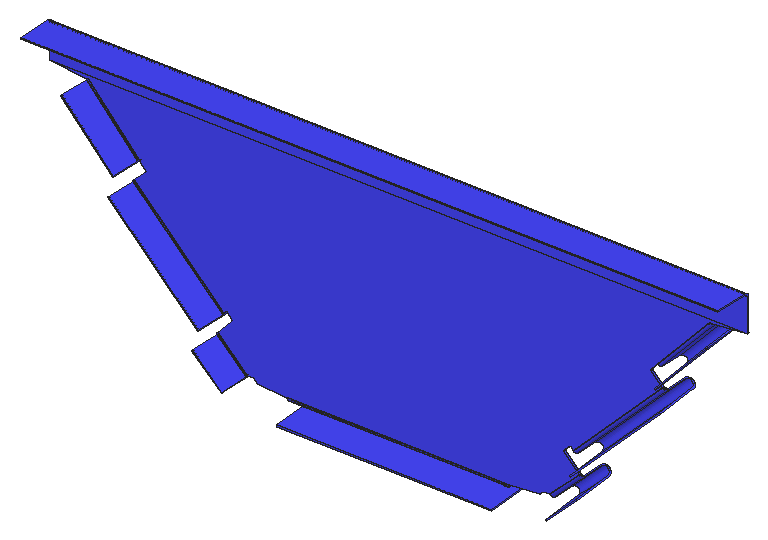
Revit family "止水面戸(DL-45)", category 一般モデル, Revit 2021
Family settings
  鉄筋をホスト可能 = いいえ
  丸型コネクタ寸法 = 直径を使用
  パーツ タイプ = 標準
  作業面ベース = いいえ
  常に垂直 = はい
  ロード時にボイドで切り取り = いいえ
  共有 = いいえ
  部屋計算ポイント = いいえ
Parameters
  既定の高さ = 0 mm
Reference planes
  plane 1 "中心(正面/背面)": y = 0
  plane 2: z = 0
  plane 3 "中心(左/右)": x = 0
Forms (mm)
  Sweep 1, solid, material "ポシェ"
    path origin (0, 0, 0) x (1, 0, 0) y (0, 0, 1)
      loop
        line (229, 178.614) -> (-228.996, 178.614)
    profile origin (0.002, 0, 178.614) x (0, 0, -1) y (0, -1, 0)
      loop
        arc (0, -10.4) -> (0.615, -11.885) -> (2.1, -12.5) r 2.1
        line (2.1, -12.5) -> (24.092, -12.5) -> (24.092, -11.7) -> (2.1, -11.7)
        arc (2.1, -11.7) -> (1.18, -11.319) -> (0.798, -10.398) r 1.302
        line (0.798, -10.398) -> (0.798, 12.5) -> (0, 12.5) -> (0, -10.4)
  Extrusion 2, solid, material "ポシェ"
    sketch origin (0, 0, 0) x (1, 0, 0) y (0, 0, 1)
      loop
        line (-229, 154.523) -> (-204.476, 152.387) -> (-165.469, 111.282) -> (-173.714, 103.398) -> (-114.971, 45.672) -> (-112.906, 47.848) -> (-108.626, 43.642) -> (-118.804, 32.917) -> (-99.569, 14.664) -> (-95.084, 14.664) -> (-92.55, 12.259) -> (-72.569, 10.654) -> (-72.569, 8.6) -> (72.569, 8.6) -> (72.569, 10.674) -> (92.574, 12.281) -> (95.084, 14.664) -> (99.569, 14.664) -> (118.804, 32.917) -> (108.626, 43.642) -> (112.906, 47.848) -> (114.971, 45.672) -> (173.745, 103.428) -> (165.469, 111.282) -> (204.476, 152.387) -> (229, 154.523) -> (-229, 154.523)
    from -12.5 to -11.7
  Sweep 3, solid, material "ポシェ"
    path origin (0, 0, 0) x (1, 0, 0) y (0, 0, 1)
      loop
        line (-70.716, 8.6) -> (70.716, 8.6)
    profile origin (0, 0, 8.6) x (0, 0, 1) y (0, -1, 0)
      loop
        line (2.1, -12.5) -> (2.1, -11.7)
        arc (2.1, -11.7) -> (0.474, -12.374) -> (-0.2, -14) r 2.3
        line (-0.2, -14) -> (-0.2, -28.244)
        arc (-0.2, -28.244) -> (-3.001, -31.045) -> (-5.802, -28.244) r 2.801
        line (-5.802, -28.244) -> (-7.802, 0.156) -> (-8.6, 0.1) -> (-6.6, -28.3)
        arc (-6.6, -28.3) -> (-5.546, -30.846) -> (-3, -31.9) r 3.6
        arc (-3, -31.9) -> (-2.296, -31.83) -> (-1.593, -31.614) r 3.6
        arc (-1.593, -31.614) -> (0.002, -30.287) -> (0.6, -28.3) r 3.6
        line (0.6, -28.3) -> (0.6, -14)
        arc (0.6, -14) -> (1.039, -12.939) -> (2.1, -12.5) r 1.5
  Sweep 4, void
    path origin (0, 0, 0) x (1, 0, 0) y (0, 0, 1)
      loop
        line (-77.314, 10.7) -> (77.686, 10.7)
    profile origin (0.186, 0, 10.7) x (0, 0, 1) y (0, -1, 0)
      loop
        line (0, -11.7) -> (-2.803, -11.7) -> (-2.803, -12.5) -> (-1.744, -12.5)
        arc (-1.744, -12.5) -> (-0.959, -11.91) -> (0, -11.7) r 2.3
  Sweep 5, solid, material "ポシェ"
    path origin (158.23, 0, 55.58) x (0.725374, 0, 0.688355) y (-0.688355, 0, 0.725374)
      loop
        line (-70.716, 8.6) -> (-44.199, 8.6)
    profile origin (110.632, 0, 22.267) x (-0.688355, 0, 0.725374) y (0, -1, 0)
      loop
        line (2.1, -12.5) -> (2.1, -11.7)
        arc (2.1, -11.7) -> (0.474, -12.374) -> (-0.2, -14) r 2.3
        line (-0.2, -14) -> (-0.2, -28.244)
        arc (-0.2, -28.244) -> (-3.001, -31.045) -> (-5.802, -28.244) r 2.801
        line (-5.802, -28.244) -> (-7.802, 0.156) -> (-8.6, 0.1) -> (-6.6, -28.3)
        arc (-6.6, -28.3) -> (-5.546, -30.846) -> (-3, -31.9) r 3.6
        arc (-3, -31.9) -> (-2.296, -31.83) -> (-1.593, -31.614) r 3.6
        arc (-1.593, -31.614) -> (0.002, -30.287) -> (0.6, -28.3) r 3.6
        line (0.6, -28.3) -> (0.6, -14)
        arc (0.6, -14) -> (1.039, -12.939) -> (2.1, -12.5) r 1.5
  Sweep 6, solid, material "ポシェ"
    path origin (175.809, 0, 84.06) x (0.737277, 0, 0.67559) y (-0.67559, 0, 0.737277)
      loop
        line (-74.513, 10.567) -> (15.432, 13.708)
    profile origin (145.83, 0, 73.052) x (-0.700909, 0, 0.71325) y (0, -1, 0)
      loop
        line (2.1, -12.5) -> (2.1, -11.7)
        arc (2.1, -11.7) -> (0.474, -12.374) -> (-0.2, -14) r 2.3
        line (-0.2, -14) -> (-0.2, -28.244)
        arc (-0.2, -28.244) -> (-3.001, -31.045) -> (-5.802, -28.244) r 2.801
        line (-5.802, -28.244) -> (-7.802, 0.156) -> (-8.6, 0.1) -> (-6.6, -28.3)
        arc (-6.6, -28.3) -> (-5.546, -30.846) -> (-3, -31.9) r 3.6
        arc (-3, -31.9) -> (-2.296, -31.83) -> (-1.593, -31.614) r 3.6
        arc (-1.593, -31.614) -> (0.002, -30.287) -> (0.6, -28.3) r 3.6
        line (0.6, -28.3) -> (0.6, -14)
        arc (0.6, -14) -> (1.039, -12.939) -> (2.1, -12.5) r 1.5
  Extrusion 7, void
    sketch origin (0, 0, 0) x (1, 0, 0) y (0, 0, 1)
      loop
        line (173.745, 103.428) -> (181.511, 96.058) -> (196.615, 110.901) -> (189.115, 118.533) -> (173.745, 103.428)
    from -49.992 to 1.837
  Extrusion 8, void
    sketch origin (0, 0, 0) x (1, 0, 0) y (0, 0, 1)
      loop
        line (112.906, 47.848) -> (108.626, 43.642) -> (118.058, 33.703) -> (122.338, 37.909) -> (112.906, 47.848)
    from -56.825 to 16.134
  Sweep 9, solid, material "ポシェ"
    path origin (226.726, 0, 160.289) x (0.688355, 0, 0.725374) y (-0.725374, 0, 0.688355)
      loop
        line (-70.716, 8.6) -> (-21.288, 8.6)
    profile origin (188.822, 0, 132.841) x (-0.725374, 0, 0.688355) y (0, -1, 0)
      loop
        line (2.1, -12.5) -> (2.1, -11.7)
        arc (2.1, -11.7) -> (0.474, -12.374) -> (-0.2, -14) r 2.3
        line (-0.2, -14) -> (-0.2, -28.244)
        arc (-0.2, -28.244) -> (-3.001, -31.045) -> (-5.802, -28.244) r 2.801
        line (-5.802, -28.244) -> (-7.802, 0.156) -> (-8.6, 0.1) -> (-6.6, -28.3)
        arc (-6.6, -28.3) -> (-5.546, -30.846) -> (-3, -31.9) r 3.6
        arc (-3, -31.9) -> (-2.296, -31.83) -> (-1.593, -31.614) r 3.6
        arc (-1.593, -31.614) -> (0.002, -30.287) -> (0.6, -28.3) r 3.6
        line (0.6, -28.3) -> (0.6, -14)
        arc (0.6, -14) -> (1.039, -12.939) -> (2.1, -12.5) r 1.5
  Sweep 10, solid, material "ポシェ"
    path origin (-158.23, 0, 55.58) x (-0.725374, 0, 0.688355) y (-0.688355, 0, -0.725374)
      loop
        line (-70.716, -8.6) -> (-44.199, -8.6)
    profile origin (-110.632, 0, 22.267) x (-0.688355, 0, -0.725374) y (0, -1, 0)
      loop
        arc (-2.1, -12.5) -> (-1.039, -12.939) -> (-0.6, -14) r 1.5
        line (-0.6, -14) -> (-0.6, -28.3)
        arc (-0.6, -28.3) -> (-0.002, -30.287) -> (1.593, -31.614) r 3.6
        arc (1.593, -31.614) -> (2.296, -31.83) -> (3, -31.9) r 3.6
        arc (3, -31.9) -> (5.546, -30.846) -> (6.6, -28.3) r 3.6
        line (6.6, -28.3) -> (8.6, 0.1) -> (7.802, 0.156) -> (5.802, -28.244)
        arc (5.802, -28.244) -> (3.001, -31.045) -> (0.2, -28.244) r 2.801
        line (0.2, -28.244) -> (0.2, -14)
        arc (0.2, -14) -> (-0.474, -12.374) -> (-2.1, -11.7) r 2.3
        line (-2.1, -11.7) -> (-2.1, -12.5)
  Sweep 11, solid, material "ポシェ"
    path origin (-175.809, 0, 84.06) x (-0.737277, 0, 0.67559) y (-0.67559, 0, -0.737277)
      loop
        line (-74.513, -10.567) -> (15.432, -13.708)
    profile origin (-145.83, 0, 73.052) x (-0.700909, 0, -0.71325) y (0, -1, 0)
      loop
        arc (-2.1, -12.5) -> (-1.039, -12.939) -> (-0.6, -14) r 1.5
        line (-0.6, -14) -> (-0.6, -28.3)
        arc (-0.6, -28.3) -> (-0.002, -30.287) -> (1.593, -31.614) r 3.6
        arc (1.593, -31.614) -> (2.296, -31.83) -> (3, -31.9) r 3.6
        arc (3, -31.9) -> (5.546, -30.846) -> (6.6, -28.3) r 3.6
        line (6.6, -28.3) -> (8.6, 0.1) -> (7.802, 0.156) -> (5.802, -28.244)
        arc (5.802, -28.244) -> (3.001, -31.045) -> (0.2, -28.244) r 2.801
        line (0.2, -28.244) -> (0.2, -14)
        arc (0.2, -14) -> (-0.474, -12.374) -> (-2.1, -11.7) r 2.3
        line (-2.1, -11.7) -> (-2.1, -12.5)
  Extrusion 12, void
    sketch origin (0, 0, 0) x (1, 0, 0) y (0, 0, 1)
      loop
        line (-123.048, 37.161) -> (-118.804, 32.917) -> (-108.626, 43.642) -> (-112.906, 47.848) -> (-123.048, 37.161)
    from -43.151 to 8.272
  Extrusion 13, void
    sketch origin (0, 0, 0) x (1, 0, 0) y (0, 0, 1)
      loop
        line (-165.469, 111.282) -> (-170.287, 116.359) -> (-188.556, 99.023) -> (-183.538, 94.004) -> (-165.469, 111.282)
    from -59.861 to 3.922
  Sweep 14, solid, material "ポシェ"
    path origin (-226.726, 0, 160.289) x (-0.688355, 0, 0.725374) y (-0.725374, 0, -0.688355)
      loop
        line (-70.716, -8.6) -> (-21.288, -8.6)
    profile origin (-188.822, 0, 132.841) x (-0.725374, 0, -0.688355) y (0, -1, 0)
      loop
        arc (-2.1, -12.5) -> (-1.039, -12.939) -> (-0.6, -14) r 1.5
        line (-0.6, -14) -> (-0.6, -28.3)
        arc (-0.6, -28.3) -> (-0.002, -30.287) -> (1.593, -31.614) r 3.6
        arc (1.593, -31.614) -> (2.296, -31.83) -> (3, -31.9) r 3.6
        arc (3, -31.9) -> (5.546, -30.846) -> (6.6, -28.3) r 3.6
        line (6.6, -28.3) -> (8.6, 0.1) -> (7.802, 0.156) -> (5.802, -28.244)
        arc (5.802, -28.244) -> (3.001, -31.045) -> (0.2, -28.244) r 2.801
        line (0.2, -28.244) -> (0.2, -14)
        arc (0.2, -14) -> (-0.474, -12.374) -> (-2.1, -11.7) r 2.3
        line (-2.1, -11.7) -> (-2.1, -12.5)
Cuts and joins
  Sweep 4 cuts Extrusion 2
  Sweep 4 cuts Sweep 3
  Extrusion 7, Extrusion 8 cuts Sweep 6
  Extrusion 12, Extrusion 13 cuts Sweep 11
Dimensions and locks
  aligned and locked: level to plane 2
